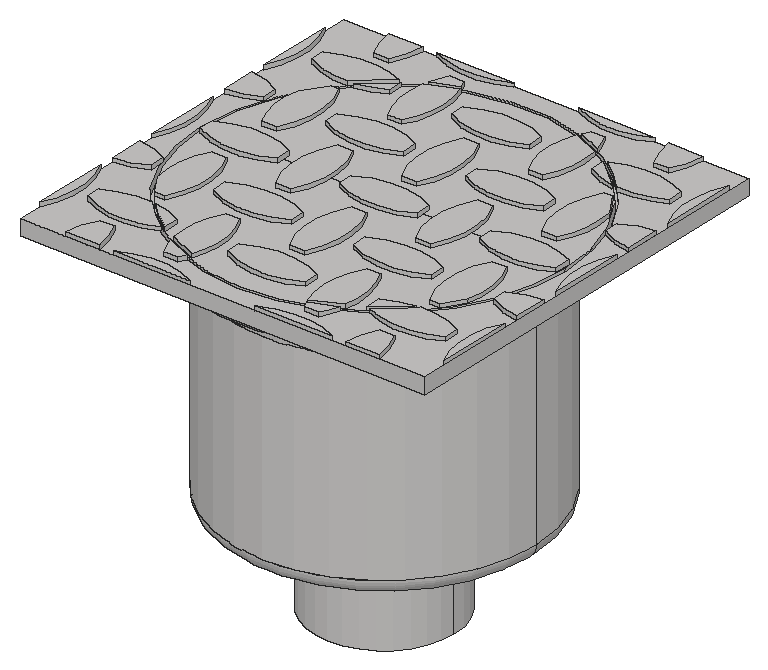
Revit family
Parameters (values of type "9646-S-2"")
  Width = 6 1/2"
  Waste Connection Radius = 1"
  Waste Connection Diameter = Waste Connection Radius * 2  # 2"
  Waste Connection = yes
  Vent Connection = no
  URL = "www.jrsmith.com"
  Price = "Prices may vary. Please consult Manufacturer Representative for most up-to-date price list."  # constant formula
  Phone Number = "416-250-5656"  # constant formula
  Omniclass Table 23 Title = "Waste Water Drains"  # constant formula
  Omniclass Table 23 Code = "23.70.50.21.24"  # constant formula
  Model = "9646-S-2\""
  Material = Metal-Jay R Smith-Stainless Steel
  Masterformat Title = "Sanitary Drains"  # constant formula
  Masterformat Number = "22 13 19.13"  # constant formula
  Manufacturer = "Jay R. Smith"
  Length = Width  # 6 1/2"
  Height = 5 7/8"
  HW Connection = no
  Description = "6\" Square general purpose cleanout."
  Default Elevation = 0"
  Creation Date = "31/10/2014"  # constant formula
  Created By = "Allied Technical Services"  # constant formula
  CW Connection = no
  Assembly Code = "D2030300"
  ATS URL = "http://www.atsspec.net"
Types (4): name | Waste Connection Radius | Waste Connection Diameter | Model | Description
  (no name) | 1" | 2" | "9646-S-2\"" | "6\" Square general purpose cleanout."
  9646-S-2" | 1" | 2" | "9646-S-2\"" | "6\" Square general purpose cleanout."
  9646-S-3" | 1 1/2" | 3" | "9646-S-3\"" | "6\" Round general purpose cleanout."
  9646-S-4" | 2" | 4" | "9646-S-4\"" | "6\" Round general purpose cleanout."
Reference planes (in)
  plane 1 "Center (Front/Back)": y = 0
  plane 2: z = 0
  plane 3 "Center (Left/Right)": x = 0
  plane 4: x = -3
  plane 5: x = 3
  plane 6: z = 5.875
  plane 7: z = 1.5
  plane 8: x = -1
  plane 9: x = 1
  plane 10: z = 5.9375
  plane 11: x = 3.25
  plane 12: x = -3.25
  plane 13: z = 5.625
  plane 14: x = 0
  plane 15: y = 0
Forms (in)
  Revolve 1, solid, material "Metal-Jay R Smith-Stainless Steel" <- "Material"
    sketch origin (0, 0, 0) x (1, 0, 0) y (0, 0, 1)
      loop
        line (-3, 5.875) -> (-3, 5.51694)
        arc (-3, 5.51694) -> (-2.93828, 5.36793) -> (-2.78926, 5.3062) r 0.21074
        arc (-2.78926, 5.3062) -> (-2.54619, 5.20552) -> (-2.44551, 4.96245) r 0.34375
        line (-2.44551, 4.96245) -> (-2.44551, 1.75)
        arc (-2.44551, 1.75) -> (-2.37228, 1.57322) -> (-2.19551, 1.5) r 0.25
        line (-2.19551, 1.5) -> (-1.125, 1.5) -> (-1.125, 0) -> (-1, 0) -> (-1, 1.75) -> (-2.07051, 1.75)
        arc (-2.07051, 1.75) -> (-2.1589, 1.78661) -> (-2.19551, 1.875) r 0.125
        line (-2.19551, 1.875) -> (-2.19551, 5.54437) -> (0, 5.54437) -> (0, 5.875) -> (-2.89532, 5.875) -> (-2.89532, 5.75388) -> (-2.94775, 5.75388) -> (-2.94775, 5.875) -> (-3, 5.875)
      axis (0, 5.875) -> (0, 0)
    angle from 0 to 360
  Extrusion 2, solid, material "Metal-Jay R Smith-Stainless Steel" <- "Material"
    sketch origin (-16.47838, -19.50378, 0) x (1, 0, 0) y (0, 1, 0)
      loop
        line (13.22838, 22.75378) -> (13.22838, 16.25378) -> (19.72838, 16.25378) -> (19.72838, 22.75378) -> (13.22838, 22.75378)
      loop
        circle (16.47838, 19.50378) r 2.96059
    from 5.625 to 5.875
  Extrusion 3, solid, material "Metal-Jay R Smith-Stainless Steel" <- "Material"
    sketch origin (-10.3649, -9.99267, 0) x (1, 0, 0) y (0, 1, 0)
      loop
        arc (10.4821, 10.49267) -> (10.6469, 11.11767) -> (10.4821, 11.74267) r 1.26755
        line (10.4821, 11.74267) -> (10.2477, 11.74267)
        arc (10.2477, 11.74267) -> (10.0829, 11.11767) -> (10.2477, 10.49267) r 1.26755
        line (10.2477, 10.49267) -> (10.4821, 10.49267)
      loop
        arc (10.4821, 8.24267) -> (10.6469, 8.86767) -> (10.4821, 9.49267) r 1.26755
        line (10.4821, 9.49267) -> (10.2477, 9.49267)
        arc (10.2477, 9.49267) -> (10.0829, 8.86767) -> (10.2477, 8.24267) r 1.26755
        line (10.2477, 8.24267) -> (10.4821, 8.24267)
      loop
        arc (9.3571, 9.36767) -> (9.5219, 9.99267) -> (9.3571, 10.61767) r 1.26755
        line (9.3571, 10.61767) -> (9.1227, 10.61767)
        arc (9.1227, 10.61767) -> (8.9579, 9.99267) -> (9.1227, 9.36767) r 1.26755
        line (9.1227, 9.36767) -> (9.3571, 9.36767)
      loop
        arc (9.35097, 11.61813) -> (9.51197, 12.14695) -> (9.43253, 12.694) r 1.26733
        arc (9.43253, 12.694) -> (9.20357, 12.60467) -> (8.98302, 12.49622) r 2.89154
        arc (8.98302, 12.49622) -> (8.97347, 12.04452) -> (9.12288, 11.61813) r 1.26812
        line (9.12288, 11.61813) -> (9.35097, 11.61813)
      loop
        arc (8.2321, 8.24267) -> (8.3969, 8.86767) -> (8.2321, 9.49267) r 1.26755
        line (8.2321, 9.49267) -> (7.9977, 9.49267)
        arc (7.9977, 9.49267) -> (7.84436, 9.03772) -> (7.87121, 8.55838) r 1.26755
        arc (7.87121, 8.55838) -> (7.96991, 8.3971) -> (8.079, 8.24267) r 2.875
        line (8.079, 8.24267) -> (8.2321, 8.24267)
      loop
        arc (8.2321, 10.49267) -> (8.3969, 11.11767) -> (8.2321, 11.74267) r 1.26755
        line (8.2321, 11.74267) -> (8.09855, 11.74267)
        arc (8.09855, 11.74267) -> (7.97452, 11.57243) -> (7.86329, 11.39358) r 2.875
        arc (7.86329, 11.39358) -> (7.84677, 10.93063) -> (7.9977, 10.49267) r 1.26755
        line (7.9977, 10.49267) -> (8.2321, 10.49267)
      loop
        line (9.7399, 12.35987) -> (9.7399, 12.12547)
        arc (9.7399, 12.12547) -> (10.3649, 11.96067) -> (10.9899, 12.12547) r 1.26755
        line (10.9899, 12.12547) -> (10.9899, 12.35987)
        arc (10.9899, 12.35987) -> (10.3649, 12.52467) -> (9.7399, 12.35987) r 1.26755
      loop
        line (8.6149, 11.23487) -> (8.6149, 11.00047)
        arc (8.6149, 11.00047) -> (9.2399, 10.83567) -> (9.8649, 11.00047) r 1.26755
        line (9.8649, 11.00047) -> (9.8649, 11.23487)
        arc (9.8649, 11.23487) -> (9.2399, 11.39967) -> (8.6149, 11.23487) r 1.26755
      loop
        line (9.7399, 10.10987) -> (9.7399, 9.87547)
        arc (9.7399, 9.87547) -> (10.3649, 9.71067) -> (10.9899, 9.87547) r 1.26755
        line (10.9899, 9.87547) -> (10.9899, 10.10987)
        arc (10.9899, 10.10987) -> (10.3649, 10.27467) -> (9.7399, 10.10987) r 1.26755
      loop
        arc (7.50291, 9.86819) -> (8.12235, 9.71069) -> (8.7399, 9.87547) r 1.26755
        line (8.7399, 9.87547) -> (8.7399, 10.10987)
        arc (8.7399, 10.10987) -> (8.12251, 10.27464) -> (7.50318, 10.11729) r 1.26755
        arc (7.50318, 10.11729) -> (7.50035, 9.99274) -> (7.50291, 9.86819) r 2.875
      loop
        line (8.6149, 8.98487) -> (8.6149, 8.75047)
        arc (8.6149, 8.75047) -> (9.2399, 8.58567) -> (9.8649, 8.75047) r 1.26755
        line (9.8649, 8.75047) -> (9.8649, 8.98487)
        arc (9.8649, 8.98487) -> (9.2399, 9.14967) -> (8.6149, 8.98487) r 1.26755
      loop
        line (9.7399, 7.85987) -> (9.7399, 7.62547)
        arc (9.7399, 7.62547) -> (10.3649, 7.46067) -> (10.9899, 7.62547) r 1.26755
        line (10.9899, 7.62547) -> (10.9899, 7.85987)
        arc (10.9899, 7.85987) -> (10.3649, 8.02467) -> (9.7399, 7.85987) r 1.26755
      loop
        arc (9.12245, 12.8663) -> (9.05467, 12.72834) -> (9.00407, 12.5832) r 1.26811
        arc (9.00407, 12.5832) -> (9.20207, 12.67721) -> (9.40657, 12.75609) r 2.91765
        arc (9.40657, 12.75609) -> (9.38017, 12.81187) -> (9.35109, 12.8663) r 1.26728
        line (9.35109, 12.8663) -> (9.12245, 12.8663)
      loop
        line (9.35097, 8.3672) -> (9.12288, 8.3672)
        arc (9.12288, 8.3672) -> (8.97347, 7.94081) -> (8.98302, 7.48911) r 1.26812
        arc (8.98302, 7.48911) -> (9.20357, 7.38066) -> (9.43253, 7.29133) r 2.89154
        arc (9.43253, 7.29133) -> (9.51197, 7.83838) -> (9.35097, 8.3672) r 1.26733
      loop
        line (7.4899, 12.35987) -> (7.4899, 12.12547)
        arc (7.4899, 12.12547) -> (7.83245, 11.99254) -> (8.19874, 11.96344) r 1.26755
        arc (8.19874, 11.96344) -> (8.42979, 12.18995) -> (8.6845, 12.38948) r 2.91765
        arc (8.6845, 12.38948) -> (8.08349, 12.52428) -> (7.4899, 12.35987) r 1.26755
      loop
        arc (8.7399, 12.34756) -> (8.50788, 12.17174) -> (8.29472, 11.97349) r 2.89154
        arc (8.29472, 11.97349) -> (8.52442, 12.02864) -> (8.7399, 12.12547) r 1.26755
        line (8.7399, 12.12547) -> (8.7399, 12.34756)
      loop
        arc (8.7399, 7.85987) -> (8.51287, 7.96057) -> (8.27056, 8.01507) r 1.26755
        arc (8.27056, 8.01507) -> (8.4943, 7.8001) -> (8.7399, 7.61049) r 2.875
        line (8.7399, 7.61049) -> (8.7399, 7.85987)
      loop
        arc (7.4899, 7.62547) -> (8.08349, 7.46105) -> (8.6845, 7.59585) r 1.26755
        arc (8.6845, 7.59585) -> (8.42979, 7.79538) -> (8.19874, 8.02189) r 2.91765
        arc (8.19874, 8.02189) -> (7.83245, 7.9928) -> (7.4899, 7.85987) r 1.26755
        line (7.4899, 7.85987) -> (7.4899, 7.62547)
      loop
        arc (7.1149, 10.84166) -> (7.37419, 10.89472) -> (7.61681, 11.00047) r 1.26755
        line (7.61681, 11.00047) -> (7.61681, 11.23487)
        arc (7.61681, 11.23487) -> (7.37419, 11.34061) -> (7.1149, 11.39367) r 1.26755
        line (7.1149, 11.39367) -> (7.1149, 10.84166)
      loop
        arc (7.1149, 8.59166) -> (7.37419, 8.64472) -> (7.61681, 8.75047) r 1.26755
        line (7.61681, 8.75047) -> (7.61681, 8.98487)
        arc (7.61681, 8.98487) -> (7.37419, 9.09061) -> (7.1149, 9.14367) r 1.26755
        line (7.1149, 9.14367) -> (7.1149, 8.59166)
      loop
        arc (8.2321, 12.74267) -> (8.33756, 12.98437) -> (8.39072, 13.24267) r 1.26755
        line (8.39072, 13.24267) -> (7.83908, 13.24267)
        arc (7.83908, 13.24267) -> (7.89224, 12.98437) -> (7.9977, 12.74267) r 1.26755
        line (7.9977, 12.74267) -> (8.2321, 12.74267)
      loop
        line (7.1149, 12.8537) -> (7.1149, 11.63163)
        arc (7.1149, 11.63163) -> (7.2719, 12.24267) -> (7.1149, 12.8537) r 1.26755
      loop
        line (7.1149, 10.6037) -> (7.1149, 9.38163)
        arc (7.1149, 9.38163) -> (7.2719, 9.99267) -> (7.1149, 10.6037) r 1.26755
      loop
        line (7.1149, 8.3537) -> (7.1149, 7.13163)
        arc (7.1149, 7.13163) -> (7.2719, 7.74267) -> (7.1149, 8.3537) r 1.26755
      loop
        line (8.2321, 7.24267) -> (7.9977, 7.24267)
        arc (7.9977, 7.24267) -> (7.89224, 7.00096) -> (7.83908, 6.74267) r 1.26755
        line (7.83908, 6.74267) -> (8.39072, 6.74267)
        arc (8.39072, 6.74267) -> (8.33756, 7.00096) -> (8.2321, 7.24267) r 1.26755
      loop
        line (11.3727, 9.36767) -> (11.6071, 9.36767)
        arc (11.6071, 9.36767) -> (11.7719, 9.99267) -> (11.6071, 10.61767) r 1.26755
        line (11.6071, 10.61767) -> (11.3727, 10.61767)
        arc (11.3727, 10.61767) -> (11.2079, 9.99267) -> (11.3727, 9.36767) r 1.26755
      loop
        line (11.37882, 11.61813) -> (11.60692, 11.61813)
        arc (11.60692, 11.61813) -> (11.75633, 12.04452) -> (11.74678, 12.49622) r 1.26812
        arc (11.74678, 12.49622) -> (11.52623, 12.60467) -> (11.29726, 12.694) r 2.89154
        arc (11.29726, 12.694) -> (11.21783, 12.14695) -> (11.37882, 11.61813) r 1.26733
      loop
        line (12.4977, 8.24267) -> (12.65079, 8.24267)
        arc (12.65079, 8.24267) -> (12.75988, 8.3971) -> (12.85859, 8.55838) r 2.875
        arc (12.85859, 8.55838) -> (12.88544, 9.03772) -> (12.7321, 9.49267) r 1.26755
        line (12.7321, 9.49267) -> (12.4977, 9.49267)
        arc (12.4977, 9.49267) -> (12.3329, 8.86767) -> (12.4977, 8.24267) r 1.26755
      loop
        line (12.4977, 10.49267) -> (12.7321, 10.49267)
        arc (12.7321, 10.49267) -> (12.88302, 10.93063) -> (12.8665, 11.39358) r 1.26755
        arc (12.8665, 11.39358) -> (12.75527, 11.57243) -> (12.63125, 11.74267) r 2.875
        line (12.63125, 11.74267) -> (12.4977, 11.74267)
        arc (12.4977, 11.74267) -> (12.3329, 11.11767) -> (12.4977, 10.49267) r 1.26755
      loop
        arc (12.1149, 11.23487) -> (11.4899, 11.39967) -> (10.8649, 11.23487) r 1.26755
        line (10.8649, 11.23487) -> (10.8649, 11.00047)
        arc (10.8649, 11.00047) -> (11.4899, 10.83567) -> (12.1149, 11.00047) r 1.26755
        line (12.1149, 11.00047) -> (12.1149, 11.23487)
      loop
        arc (13.22689, 9.86819) -> (13.22945, 9.99274) -> (13.22661, 10.11729) r 2.875
        arc (13.22661, 10.11729) -> (12.60729, 10.27464) -> (11.9899, 10.10987) r 1.26755
        line (11.9899, 10.10987) -> (11.9899, 9.87547)
        arc (11.9899, 9.87547) -> (12.60745, 9.71069) -> (13.22689, 9.86819) r 1.26755
      loop
        arc (12.1149, 8.98487) -> (11.4899, 9.14967) -> (10.8649, 8.98487) r 1.26755
        line (10.8649, 8.98487) -> (10.8649, 8.75047)
        arc (10.8649, 8.75047) -> (11.4899, 8.58567) -> (12.1149, 8.75047) r 1.26755
        line (12.1149, 8.75047) -> (12.1149, 8.98487)
      loop
        line (11.60735, 12.8663) -> (11.37871, 12.8663)
        arc (11.37871, 12.8663) -> (11.34963, 12.81187) -> (11.32323, 12.75609) r 1.26728
        arc (11.32323, 12.75609) -> (11.52773, 12.67721) -> (11.72572, 12.5832) r 2.91765
        arc (11.72572, 12.5832) -> (11.67513, 12.72834) -> (11.60735, 12.8663) r 1.26811
      loop
        arc (11.37882, 8.3672) -> (11.21783, 7.83838) -> (11.29726, 7.29133) r 1.26733
        arc (11.29726, 7.29133) -> (11.52623, 7.38066) -> (11.74678, 7.48911) r 2.89154
        arc (11.74678, 7.48911) -> (11.75633, 7.94081) -> (11.60692, 8.3672) r 1.26812
        line (11.60692, 8.3672) -> (11.37882, 8.3672)
      loop
        arc (13.2399, 12.35987) -> (12.64631, 12.52428) -> (12.0453, 12.38948) r 1.26755
        arc (12.0453, 12.38948) -> (12.30001, 12.18995) -> (12.53106, 11.96344) r 2.91765
        arc (12.53106, 11.96344) -> (12.89735, 11.99254) -> (13.2399, 12.12547) r 1.26755
        line (13.2399, 12.12547) -> (13.2399, 12.35987)
      loop
        line (11.9899, 12.34756) -> (11.9899, 12.12547)
        arc (11.9899, 12.12547) -> (12.20538, 12.02864) -> (12.43508, 11.97349) r 1.26755
        arc (12.43508, 11.97349) -> (12.22192, 12.17174) -> (11.9899, 12.34756) r 2.89154
      loop
        line (11.9899, 7.85987) -> (11.9899, 7.61049)
        arc (11.9899, 7.61049) -> (12.2355, 7.8001) -> (12.45924, 8.01507) r 2.875
        arc (12.45924, 8.01507) -> (12.21693, 7.96057) -> (11.9899, 7.85987) r 1.26755
      loop
        line (13.2399, 7.62547) -> (13.2399, 7.85987)
        arc (13.2399, 7.85987) -> (12.89735, 7.9928) -> (12.53106, 8.02189) r 1.26755
        arc (12.53106, 8.02189) -> (12.30001, 7.79538) -> (12.0453, 7.59585) r 2.91765
        arc (12.0453, 7.59585) -> (12.64631, 7.46105) -> (13.2399, 7.62547) r 1.26755
      loop
        line (13.6149, 10.84166) -> (13.6149, 11.39367)
        arc (13.6149, 11.39367) -> (13.35561, 11.34061) -> (13.11299, 11.23487) r 1.26755
        line (13.11299, 11.23487) -> (13.11299, 11.00047)
        arc (13.11299, 11.00047) -> (13.35561, 10.89472) -> (13.6149, 10.84166) r 1.26755
      loop
        line (13.6149, 8.59166) -> (13.6149, 9.14367)
        arc (13.6149, 9.14367) -> (13.35561, 9.09061) -> (13.11299, 8.98487) r 1.26755
        line (13.11299, 8.98487) -> (13.11299, 8.75047)
        arc (13.11299, 8.75047) -> (13.35561, 8.64472) -> (13.6149, 8.59166) r 1.26755
      loop
        line (12.4977, 12.74267) -> (12.7321, 12.74267)
        arc (12.7321, 12.74267) -> (12.83756, 12.98437) -> (12.89072, 13.24267) r 1.26755
        line (12.89072, 13.24267) -> (12.33908, 13.24267)
        arc (12.33908, 13.24267) -> (12.39224, 12.98437) -> (12.4977, 12.74267) r 1.26755
      loop
        arc (13.6149, 12.8537) -> (13.4579, 12.24267) -> (13.6149, 11.63163) r 1.26755
        line (13.6149, 11.63163) -> (13.6149, 12.8537)
      loop
        arc (13.6149, 10.6037) -> (13.4579, 9.99267) -> (13.6149, 9.38163) r 1.26755
        line (13.6149, 9.38163) -> (13.6149, 10.6037)
      loop
        arc (13.6149, 8.3537) -> (13.4579, 7.74267) -> (13.6149, 7.13163) r 1.26755
        line (13.6149, 7.13163) -> (13.6149, 8.3537)
      loop
        arc (12.4977, 7.24267) -> (12.39224, 7.00096) -> (12.33908, 6.74267) r 1.26755
        line (12.33908, 6.74267) -> (12.89072, 6.74267)
        arc (12.89072, 6.74267) -> (12.83756, 7.00096) -> (12.7321, 7.24267) r 1.26755
        line (12.7321, 7.24267) -> (12.4977, 7.24267)
      loop
        line (9.12245, 7.11903) -> (9.35109, 7.11903)
        arc (9.35109, 7.11903) -> (9.38017, 7.17346) -> (9.40657, 7.22924) r 1.26728
        arc (9.40657, 7.22924) -> (9.20207, 7.30812) -> (9.00407, 7.40213) r 2.91765
        arc (9.00407, 7.40213) -> (9.05467, 7.25699) -> (9.12245, 7.11903) r 1.26811
      loop
        arc (11.60735, 7.11903) -> (11.67513, 7.25699) -> (11.72572, 7.40213) r 1.26811
        arc (11.72572, 7.40213) -> (11.52773, 7.30812) -> (11.32323, 7.22924) r 2.91765
        arc (11.32323, 7.22924) -> (11.34963, 7.17346) -> (11.37871, 7.11903) r 1.26728
        line (11.37871, 7.11903) -> (11.60735, 7.11903)
      loop
        arc (8.6149, 13.24267) -> (9.22713, 13.0856) -> (9.83936, 13.24267) r 1.27177
        line (9.83936, 13.24267) -> (8.6149, 13.24267)
      loop
        line (12.1149, 13.24267) -> (10.89044, 13.24267)
        arc (10.89044, 13.24267) -> (11.50267, 13.0856) -> (12.1149, 13.24267) r 1.27177
      loop
        line (8.6149, 6.74267) -> (9.83936, 6.74267)
        arc (9.83936, 6.74267) -> (9.22713, 6.89973) -> (8.6149, 6.74267) r 1.27177
      loop
        arc (12.1149, 6.74267) -> (11.50267, 6.89973) -> (10.89044, 6.74267) r 1.27177
        line (10.89044, 6.74267) -> (12.1149, 6.74267)
    from 5.875 to 5.9375
Cuts and joins
  joined: Revolve 1, Extrusion 2
Dimensions and locks (in)
  "Height": plane 6 to plane 2
  "Waste Connection Diameter": plane 9 to plane 8
  plane 7 to level = 1 1/2"
  equal spacing: plane 9, plane 3 "Center (Left/Right)", plane 8
  locked: plane 8 to Revolve 1 sketch curve at 0.125
  plane 6 to plane 7 = 4 3/8"
  "Width": plane 11 to plane 12
  equal spacing: plane 11, plane 3 "Center (Left/Right)", plane 12
  locked: Revolve 1 sketch curve to plane 12 at 0.80449
  aligned and locked: plane 8 to Revolve 1 sketch curve
  aligned and locked: Revolve 1 sketch curve to plane 6
Automatic sketch dimensions
  Revolve 1 sketch curve to Revolve 1 sketch curve = 1/8"  (x2)
  Revolve 1 sketch curve to plane 4 = 0"
  Revolve 1 sketch curve to plane 6 = 0"
  Revolve 1 sketch curve to plane 7 = 0"
  Revolve 1 sketch curve to plane 3 "Center (Left/Right)" = 0"  (x2)
  Revolve 1 sketch curve to level = 0"
  plane 4 to Revolve 1 sketch curve = 0.05225"
  Revolve 1 sketch curve to Revolve 1 sketch curve = 0.05243"
  plane 4 to Revolve 1 sketch curve = 0.21074"
  Revolve 1 sketch curve to Revolve 1 sketch curve = 1/4"
  Revolve 1 sketch curve to level = 2 1/2"
  Revolve 1 sketch curve to Revolve 1 sketch curve = 0.64812"
  Revolve 1 sketch curve to Revolve 1 sketch curve = 0.58192"
  Revolve 1 sketch curve to Revolve 1 sketch curve = 0"
  Revolve 1 sketch curve to plane 6 = 0.12112"
  Revolve 1 sketch curve to plane 13 = 0.66255"
  Extrusion 2 sketch curve to plane 12 = 0"
  plane 1 "Center (Front/Back)" to Extrusion 2 sketch curve = 0"
  Extrusion 2 sketch curve to plane 3 "Center (Left/Right)" = 0"
  Extrusion 2 sketch curve to plane 11 = 0"
  plane 1 "Center (Front/Back)" to Extrusion 2 sketch curve = 3 1/4"
  Extrusion 2 sketch curve to plane 1 "Center (Front/Back)" = 3 1/4"
  Extrusion 3 sketch curve to Extrusion 3 sketch curve = 0"  (x44)
  Extrusion 3 sketch curve to plane 15 = 0"  (x2)
  Extrusion 3 sketch curve to plane 14 = 0"  (x6)
  plane 14 to Extrusion 3 sketch curve = 0.00317"  (x2)
  plane 14 to Extrusion 3 sketch curve = 0.00624"
  plane 14 to Extrusion 3 sketch curve = 0.00654"
  Extrusion 3 sketch curve to plane 15 = 0.00307"  (x2)
  plane 14 to Extrusion 3 sketch curve = 0.01045"
  Extrusion 3 sketch curve to Extrusion 3 sketch curve = 0.00083"  (x4)
  plane 14 to Extrusion 3 sketch curve = 15/128"  (x4)
  plane 14 to Extrusion 3 sketch curve = 0.1391"  (x2)
  plane 15 to Extrusion 3 sketch curve = 0"  (x2)
  Extrusion 3 sketch curve to Extrusion 3 sketch curve = 0.12817"  (x2)
  Extrusion 3 sketch curve to Extrusion 3 sketch curve = 0.00118"  (x4)
  plane 14 to Extrusion 3 sketch curve = 1/2"  (x2)
  plane 14 to Extrusion 3 sketch curve = 0.52554"  (x2)
  Extrusion 3 sketch curve to Extrusion 3 sketch curve = 0.4859"  (x2)
  plane 15 to Extrusion 3 sketch curve = 15/128"
  Extrusion 3 sketch curve to Extrusion 3 sketch curve = 0.48555"  (x28)
  Extrusion 3 sketch curve to Extrusion 3 sketch curve = 0.30737"  (x4)
  Extrusion 3 sketch curve to Extrusion 3 sketch curve = 0.02597"  (x4)
  Extrusion 3 sketch curve to Extrusion 3 sketch curve = 0.02225"  (x20)
  Extrusion 3 sketch curve to Extrusion 3 sketch curve = 0.05548"  (x4)
  Extrusion 3 sketch curve to Extrusion 3 sketch curve = 0.02838"  (x4)
  plane 15 to Extrusion 3 sketch curve = 0.13945"  (x4)
  Extrusion 3 sketch curve to Extrusion 3 sketch curve = 15/128"  (x9)
  Extrusion 3 sketch curve to plane 15 = 0.13945"  (x4)
  Extrusion 3 sketch curve to Extrusion 3 sketch curve = 0.11108"  (x4)
  plane 14 to Extrusion 3 sketch curve = 1.13777"  (x2)
  Extrusion 3 sketch curve to Extrusion 3 sketch curve = 0.22809"  (x4)
  Extrusion 3 sketch curve to Extrusion 3 sketch curve = 0.2344"  (x25)
  Extrusion 3 sketch curve to Extrusion 3 sketch curve = 0.22864"  (x4)
  Extrusion 3 sketch curve to Extrusion 3 sketch curve = 0.2789"  (x10)
  Extrusion 3 sketch curve to Extrusion 3 sketch curve = 0.11837"  (x4)
  Extrusion 3 sketch curve to Extrusion 3 sketch curve = 0.02106"  (x4)
  Extrusion 3 sketch curve to Extrusion 3 sketch curve = 0.24312"  (x4)
  Extrusion 3 sketch curve to plane 15 = 15/128"  (x3)
  Extrusion 3 sketch curve to Extrusion 3 sketch curve = 1/2"  (x2)
  Extrusion 3 sketch curve to Extrusion 3 sketch curve = 0.0554"  (x4)
  Extrusion 3 sketch curve to Extrusion 3 sketch curve = 0.22418"  (x4)
  Extrusion 3 sketch curve to Extrusion 3 sketch curve = 0.44518"  (x2)
  Extrusion 3 sketch curve to Extrusion 3 sketch curve = 0.46934"  (x2)
  Extrusion 3 sketch curve to Extrusion 3 sketch curve = 0.04646"  (x2)
  Extrusion 3 sketch curve to Extrusion 3 sketch curve = 0.0223"  (x2)
  Extrusion 3 sketch curve to Extrusion 3 sketch curve = 0.00005"  (x4)
  Extrusion 3 sketch curve to Extrusion 3 sketch curve = 0.01616"  (x4)
  Extrusion 3 sketch curve to Extrusion 3 sketch curve = 0.03846"  (x2)
  Extrusion 3 sketch curve to Extrusion 3 sketch curve = 0.06262"  (x2)
  Extrusion 3 sketch curve to Extrusion 3 sketch curve = 0.07182"  (x2)
  Extrusion 3 sketch curve to Extrusion 3 sketch curve = 0.09598"  (x2)
  Extrusion 3 sketch curve to Extrusion 3 sketch curve = 0.27582"  (x8)
  Extrusion 3 sketch curve to Extrusion 3 sketch curve = 0.13355"  (x2)
  Extrusion 3 sketch curve to Extrusion 3 sketch curve = 0.1531"  (x2)
  Extrusion 3 sketch curve to Extrusion 3 sketch curve = 0.24369"  (x2)
  Extrusion 3 sketch curve to Extrusion 3 sketch curve = 0.25161"  (x2)
  Extrusion 3 sketch curve to Extrusion 3 sketch curve = 0.24648"  (x2)
  Extrusion 3 sketch curve to Extrusion 3 sketch curve = 0.2544"  (x2)
  plane 15 to Extrusion 3 sketch curve = 0.12462"  (x2)
  Extrusion 3 sketch curve to Extrusion 3 sketch curve = 0.49452"  (x2)
  Extrusion 3 sketch curve to plane 15 = 0.12447"
  Extrusion 3 sketch curve to Extrusion 3 sketch curve = 0.00027"  (x2)
  Extrusion 3 sketch curve to Extrusion 3 sketch curve = 0.5891"
  Extrusion 3 sketch curve to Extrusion 3 sketch curve = 65/128"  (x2)
  Extrusion 3 sketch curve to Extrusion 3 sketch curve = 0.70973"  (x4)
  Extrusion 3 sketch curve to Extrusion 3 sketch curve = 0.48746"  (x4)
  Extrusion 3 sketch curve to Extrusion 3 sketch curve = 0.01445"  (x9)
  Extrusion 3 sketch curve to Extrusion 3 sketch curve = 0.12309"  (x6)
  Extrusion 3 sketch curve to Extrusion 3 sketch curve = 0.98746"  (x6)
  Extrusion 3 sketch curve to plane 14 = 0.00317"  (x2)
  Extrusion 3 sketch curve to plane 14 = 0.00624"
  Extrusion 3 sketch curve to plane 14 = 0.00654"
  Extrusion 3 sketch curve to plane 14 = 15/128"  (x4)
  Extrusion 3 sketch curve to plane 14 = 0.1391"  (x2)
  Extrusion 3 sketch curve to plane 14 = 1/2"  (x2)
  Extrusion 3 sketch curve to plane 14 = 0.52554"  (x2)
  Extrusion 3 sketch curve to Extrusion 3 sketch curve = 0.48472"  (x2)
  Extrusion 3 sketch curve to plane 14 = 1.13777"  (x2)
  Extrusion 3 sketch curve to Extrusion 3 sketch curve = 0.60865"
  Extrusion 3 sketch curve to plane 15 = 1/2"  (x3)
  Extrusion 3 sketch curve to Extrusion 3 sketch curve = 0.47158"  (x2)
  Extrusion 3 sketch curve to Extrusion 3 sketch curve = 0.23796"  (x8)
  Extrusion 3 sketch curve to Extrusion 3 sketch curve = 0.27601"  (x3)
  Extrusion 3 sketch curve to Extrusion 3 sketch curve = 0.50047"  (x4)
  Extrusion 3 sketch curve to Extrusion 3 sketch curve = 0.22078"  (x4)
  Extrusion 3 sketch curve to Extrusion 3 sketch curve = 0.00682"  (x2)
  Extrusion 3 sketch curve to Extrusion 3 sketch curve = 0.48508"  (x4)
  Extrusion 3 sketch curve to Extrusion 3 sketch curve = 0.24937"  (x2)
  Extrusion 3 sketch curve to Extrusion 3 sketch curve = 0.49648"  (x2)
  Extrusion 3 sketch curve to Extrusion 3 sketch curve = 0.27183"  (x2)
  Extrusion 3 sketch curve to Extrusion 3 sketch curve = 0.13945"  (x4)
  Extrusion 3 sketch curve to Extrusion 3 sketch curve = 0.00066"  (x4)
  Extrusion 3 sketch curve to Extrusion 3 sketch curve = 0.00484"  (x2)
  Extrusion 3 sketch curve to Extrusion 3 sketch curve = 0.98422"
  Extrusion 3 sketch curve to Extrusion 3 sketch curve = 0.9897"  (x4)
  Extrusion 3 sketch curve to Extrusion 3 sketch curve = 0.01972"
  Extrusion 3 sketch curve to Extrusion 3 sketch curve = 0.00774"  (x2)
  plane 15 to Extrusion 3 sketch curve = 0.00376"  (x2)
  Extrusion 3 sketch curve to Extrusion 3 sketch curve = 0.46532"
  Extrusion 3 sketch curve to Extrusion 3 sketch curve = 0.01004"  (x2)
  Extrusion 3 sketch curve to Extrusion 3 sketch curve = 0.2221"
  Extrusion 3 sketch curve to Extrusion 3 sketch curve = 0.2686"  (x2)
  Extrusion 3 sketch curve to Extrusion 3 sketch curve = 0.98423"
  plane 7 to Revolve 1 sketch curve = 1/4"
  radius of Extrusion 2 sketch curve = 2.96059"
Connectors (in)
  piping at (0, 0, 0), driven by "Waste Connection Radius"
    settings: on Revolve 1, index 1
